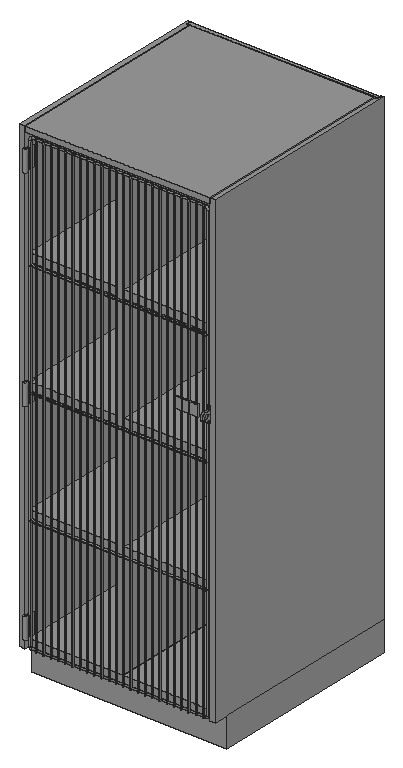
Revit family "TMI_M3007-Music_Wire Grille Doors1", category Casework, Revit 2016
Family settings
  OmniClass Number = 23.40.35.14.11
  OmniClass Title = Modular Casework
  Work Plane-Based = No
  Always vertical = Yes
  Cut with Voids When Loaded = No
  Shared = No
  Room Calculation Point = No
Parameters (values of type "27" x 68-5/8" x 29"")
  URL = "www.tmisystems.com"
  Toe Kick Height = 4"
  Toe Kick Depth = 2"
  Shelf Thickness = 1 1/8"
  Model = "M3007/M5007"
  Manufacturer = "TMI Systems Corporation"
  Interior Finish = none
  Individual Wire Grille Doors [instance] = not(Full Height Wire Grille Door)  # no
  Full Height Wire Grille Door [instance] = yes
  Filler Width (Hinge) [instance] = 3"
  Filler (Pull Side) [instance] = no
  Filler (Hinge Side) [instance] = no
  Filler Width (Pull) [instance] = 3"
  Description = "Alto Saxophone, Cornet, Trumpet"
  Depth = 29"
  Height = 68 5/8"
  Width = 27"
  Casework Thickness = 3/4"
  Casework Back Thickness = 1/2"
  Cabinet Finish = Plastic Laminate
  Assembly Code = ""
Types (2): name | Description | Depth
  27" x 68-5/8" x 29" | "Alto Saxophone, Cornet, Trumpet" | 29"
  27" x 68-5/8" x 39" | "Alto Cornet, Basson, Bass Clarinet, Tenor Saxophone, Trombone, Violin, Viola" | 39"
Reference planes (in)
  plane 1 "Back": y = 15
  plane 2: z = 0
  plane 3 "Center (Left/Right)": x = 0.7377
  plane 4 "Left": x = -12.7623
  plane 5 "Right": x = 14.2377
  plane 6 "Front": y = -14
  plane 7 "Top": z = 68.625
  plane 8: y = 14.375
  plane 9: x = -12.0123
  plane 10: x = 13.4877
  plane 11: z = 67.875
  plane 12: y = 14.875
  plane 13: y = -12
  plane 14: z = 4
  plane 15: z = 5.125
  plane 16: y = -13.61906
  plane 17: z = 52.75
  plane 18: y = -11.25
  plane 19: y = -13.25
  plane 20: x = 0.3627
  plane 21: x = 1.1127
  plane 22: z = 36.875
  plane 23: z = 21
  plane 24: y = -13.49461
  plane 25: z = 67.375
  plane 26: x = 13.8627
  plane 27: x = -12.3873
  plane 28: y = -13.60344
Forms (in)
  Extrusion 1, solid, material "Plastic Laminate" <- "Cabinet Finish"
    sketch origin (0, 0.21844, 0) x (1, 0, 0) y (0, 1, 0)
      loop
        line (-12.7623, 14.78156) -> (-12.7623, -14.21844) -> (-12.0123, -14.21844) -> (-12.0123, 14.15656) -> (-12.38677, 14.15656) -> (-12.38677, 14.78156) -> (-12.7623, 14.78156)
      loop
        line (13.86077, 14.78156) -> (13.86077, 14.15656) -> (13.4877, 14.15656) -> (13.4877, -14.21844) -> (14.2377, -14.21844) -> (14.2377, 14.78156) -> (13.86077, 14.78156)
    from 4 to 68.625
  Extrusion 2, solid, material "Plastic Laminate" <- "Cabinet Finish"
    sketch origin (0.84915, 11.94613, -1.44731) x (1, 0, 0) y (0, 0, 1)
      loop
        line (-12.86145, 6.57231) -> (-12.86145, 5.44731) -> (12.63855, 5.44731) -> (12.63855, 6.57231) -> (-12.86145, 6.57231)
    from -2.42887 to 25.54956
  Extrusion 3, solid, material "Plastic Laminate" <- "Cabinet Finish"
    sketch origin (0, 0, 0) x (1, 0, 0) y (0, 1, 0)
      loop
        line (-12.38677, 14.875) -> (-12.38677, 14.375) -> (13.86077, 14.375) -> (13.86077, 14.875) -> (-12.38677, 14.875)
    from 68.625 to 4
  Extrusion 4, solid, material "Plastic Laminate" <- "Cabinet Finish", visible <- "Filler (Pull Side)"
    sketch origin (0, -14, 0) x (1, 0, 0) y (0, 0, 1)
      loop
        line (14.2377, 68.625) -> (14.2377, 4) -> (17.2377, 4) -> (17.2377, 68.625) -> (14.2377, 68.625)
    from -0.75 to 0
  Extrusion 5, solid, material "Plastic Laminate" <- "Cabinet Finish", visible <- "Filler (Hinge Side)"
    sketch origin (0, -14, 0) x (1, 0, 0) y (0, 0, 1)
      loop
        line (-15.7623, 68.625) -> (-15.7623, 4) -> (-12.7623, 4) -> (-12.7623, 68.625) -> (-15.7623, 68.625)
    from -0.75 to 0
  Extrusion 6, solid, material "Wood"
    sketch origin (0, 0, 0) x (1, 0, 0) y (0, 0, 1)
      loop
        line (14.2377, 4) -> (-12.7623, 4) -> (-12.7623, 0) -> (14.2377, 0) -> (14.2377, 4)
    from -15 to 12
  Extrusion 7, solid, material "Wood", visible <- "Filler (Pull Side)"
    sketch origin (0, 0, 0) x (1, 0, 0) y (0, 0, 1)
      loop
        line (17.2377, 4) -> (14.2377, 4) -> (14.2377, 0) -> (17.2377, 0) -> (17.2377, 4)
    from 11.25 to 12
  Extrusion 8, solid, material "Wood", visible <- "Filler (Hinge Side)"
    sketch origin (0, 0, 0) x (1, 0, 0) y (0, 0, 1)
      loop
        line (-12.7623, 4) -> (-15.7623, 4) -> (-15.7623, 0) -> (-12.7623, 0) -> (-12.7623, 4)
    from 11.25 to 12
  Extrusion 9, solid, material "Plastic Laminate" <- "Cabinet Finish"
    sketch origin (-6, -14, 0) x (1, 0, 0) y (0, 0, 1)
      loop
        line (6.3627, 67.875) -> (6.3627, 5.125) -> (7.1127, 5.125) -> (7.1127, 67.875) -> (6.3627, 67.875)
    from -28.375 to -0.38094
  Extrusion 10, solid, material "Plastic Laminate" <- "Cabinet Finish"
    sketch origin (0, -14, 0) x (1, 0, 0) y (0, 0, 1)
      loop
        line (-12.0123, 52.75) -> (-12.0123, 51.625) -> (13.4877, 51.625) -> (13.4877, 52.75) -> (-12.0123, 52.75)
      loop
        line (-12.0123, 36.875) -> (-12.0123, 35.75) -> (13.4877, 35.75) -> (13.4877, 36.875) -> (-12.0123, 36.875)
      loop
        line (-12.0123, 19.875) -> (13.4877, 19.875) -> (13.4877, 21) -> (-12.0123, 21) -> (-12.0123, 19.875)
    from -28.375 to -0.50539
  Extrusion 11, solid, material "Plastic Laminate" <- "Cabinet Finish", visible <- "Full Height Wire Grille Door"
    sketch origin (67.5, -14, 0) x (1, 0, 0) y (0, 0, 1)
      loop
        line (-67.1373, 67.875) -> (-67.1373, 4) -> (-66.3873, 4) -> (-66.3873, 67.875) -> (-67.1373, 67.875)
    from -28.375 to -0.38094
  Extrusion 12, solid, material "Plastic Laminate" <- "Cabinet Finish"
    sketch origin (0, 15, 0) x (1, 0, 0) y (0, 0, 1)
      loop
        line (-12.0123, 68.625) -> (-12.0123, 67.875) -> (13.4877, 67.875) -> (13.4877, 68.625) -> (-12.0123, 68.625)
    from 0.625 to 29
  Extrusion 13, solid, material "Plastic Laminate" <- "Cabinet Finish", visible <- "Individual Wire Grille Doors"
    sketch origin (100.51297, -14, -0.375) x (1, 0, 0) y (0, 0, 1)
      loop
        line (-100.15026, 68.25) -> (-100.15026, 4.375) -> (-99.40026, 4.375) -> (-99.40026, 68.25) -> (-100.15026, 68.25)
    from -28.375 to 0
Lines and regions (in)
  Masking region 1
    outline origin (44.5, 0, 0) x (1, 0, 0) y (0, 1, 0)
      loop
        line (-57.2623, 15) -> (-57.2623, -14) -> (-30.2623, -14) -> (-30.2623, 15) -> (-57.2623, 15)
  Masking region 2, visible <- "Filler (Hinge Side)"
    outline origin (0, 0, 0) x (1, 0, 0) y (0, 1, 0)
      loop
        line (-15.7623, -13.25) -> (-15.7623, -14) -> (-12.7623, -14) -> (-12.7623, -13.25) -> (-15.7623, -13.25)
  Masking region 3, visible <- "Filler (Pull Side)"
    outline origin (0, 0, 0) x (1, 0, 0) y (0, 1, 0)
      loop
        line (14.2377, -13.25) -> (14.2377, -14) -> (17.2377, -14) -> (17.2377, -13.25) -> (14.2377, -13.25)
  symbolic lines, style "CaseworkHiddenLines"
    curve 1: line (-0.4498, -14, 0) -> (-0.5748, -14, 0)
    curve 2: line (-0.1998, -14, 0) -> (-0.3248, -14, 0)
    curve 3: line (1.9252, -14, 0) -> (2.0502, -14, 0)
Dimensions and locks (in)
  "Width": plane 4 "Left" to plane 5 "Right"
  equal spacing: plane 4 "Left", plane 3 "Center (Left/Right)", plane 5 "Right"
  "Casework Thickness": plane 4 "Left" to plane 9
  "Casework Thickness": plane 10 to plane 5 "Right"
  "Casework Thickness": plane 7 "Top" to plane 11
  "Filler Width (Pull)": plane 5 "Right" to Extrusion 4
  "Filler Width (Hinge)": Extrusion 5 to plane 4 "Left"
  "Depth": plane 6 "Front" to plane 1 "Back"
  locked: plane 12 to plane 1 "Back" at 0.125
  "Toe Kick Depth": plane 13 to plane 6 "Front"
  "Toe Kick Height": plane 14 to level
  "Height": plane 7 "Top" to level
  locked: plane 6 "Front" to plane 16 at 0.38094
  locked: plane 6 "Front" to plane 19 at 0.75
  locked: plane 18 to plane 13 at 0.75
  "Casework Thickness": plane 21 to plane 20
  plane 16 to plane 24 = 0.12445"
  plane 11 to plane 25 = 1/2"
  "Shelf Thickness": plane 15 to plane 14
  equal spacing: plane 7 "Top", plane 17, plane 22, plane 23, plane 15
  equal spacing: plane 4 "Left", plane 27, plane 9
  equal spacing: plane 10, plane 26, plane 5 "Right"
  "Casework Back Thickness": plane 12 to plane 8
  equal spacing: plane 21, plane 3 "Center (Left/Right)", plane 20
  "Shelf Thickness": plane 17 to Extrusion 10
  "Shelf Thickness": plane 22 to Extrusion 10
  "Shelf Thickness": plane 23 to Extrusion 10
  locked: plane 16 to plane 28 at 0.01562
  aligned and locked: plane 2 to level
  aligned and locked: Extrusion 1 sketch curve to plane 4 "Left"
  aligned and locked: Extrusion 1 sketch curve to plane 9
  aligned and locked: Extrusion 1 sketch curve to plane 10
  aligned and locked: Extrusion 1 sketch curve to plane 5 "Right"
  aligned and locked: Extrusion 1 to plane 1 "Back"  (x2)
  aligned and locked: plane 8 to Extrusion 3 sketch curve
  aligned and locked: Extrusion 1 to plane 7 "Top"
  aligned and locked: plane 7 "Top" to Extrusion 4 sketch curve
  aligned and locked: Extrusion 4 sketch curve to plane 5 "Right"
  aligned and locked: plane 7 "Top" to Extrusion 5 sketch curve
  aligned and locked: Extrusion 7 to Extrusion 6
  aligned and locked: Extrusion 8 to Extrusion 6
  aligned and locked: plane 14 to Extrusion 8
  aligned and locked: plane 14 to Extrusion 6
  aligned and locked: plane 14 to Extrusion 7
  aligned and locked: Extrusion 4 to plane 14
  aligned and locked: Extrusion 5 to plane 14
  aligned and locked: Extrusion 1 to plane 14
  aligned and locked: Extrusion 2 to plane 14
  aligned and locked: plane 15 to Extrusion 2
  aligned and locked: Extrusion 6 to Extrusion 1
  aligned and locked: plane 1 "Back" to Masking region 1 sketch curve
  aligned and locked: Extrusion 8 to plane 13
  aligned and locked: plane 11 to Extrusion 9 sketch curve
  aligned and locked: plane 15 to Extrusion 9 sketch curve
  aligned and locked: plane 8 to Extrusion 9
  aligned and locked: plane 9 to Extrusion 10 sketch curve  (x2)
  aligned and locked: Extrusion 10 sketch curve to plane 9
  aligned and locked: plane 10 to Extrusion 10 sketch curve
  aligned and locked: Extrusion 10 sketch curve to plane 10  (x2)
  aligned and locked: plane 8 to Extrusion 10
  aligned and locked: plane 4 "Left" to Masking region 2 sketch curve
  aligned and locked: Masking region 3 sketch curve to plane 5 "Right"
  aligned and locked: Extrusion 10 to plane 17  (x2)
  aligned and locked: plane 6 "Front" to Extrusion 1  (x2)
  aligned and locked: plane 6 "Front" to Extrusion 4
  aligned and locked: plane 6 "Front" to Extrusion 5
  aligned and locked: plane 18 to Extrusion 7
  aligned and locked: Extrusion 4 to plane 19
  aligned and locked: Extrusion 5 to plane 19
  aligned and locked: plane 18 to Extrusion 8
  aligned and locked: Extrusion 8 to Extrusion 5
  aligned and locked: Masking region 2 to Extrusion 5
  aligned and locked: Masking region 2 to plane 19
  aligned and locked: Extrusion 4 to Extrusion 7
  aligned and locked: Masking region 3 to Extrusion 4
  aligned and locked: Masking region 3 to plane 19
  aligned and locked: Extrusion 9 to plane 20
  aligned and locked: Extrusion 9 to plane 21
  aligned and locked: plane 23 to Extrusion 10
  aligned and locked: Extrusion 10 to plane 22
  aligned and locked: Extrusion 2 to plane 9
  aligned and locked: Extrusion 10 to plane 24
  aligned and locked: plane 16 to Extrusion 9
  aligned and locked: plane 16 to Extrusion 11
  aligned and locked: Extrusion 2 to plane 10
  aligned and locked: plane 8 to Extrusion 11
  aligned and locked: Extrusion 12 sketch curve to plane 11
  aligned and locked: plane 9 to Extrusion 12 sketch curve
  aligned and locked: Extrusion 12 sketch curve to plane 10
  aligned and locked: plane 6 "Front" to Extrusion 12
  aligned and locked: plane 9 to Extrusion 1
  aligned and locked: plane 6 "Front" to Masking region 1
  aligned and locked: Extrusion 12 to plane 7 "Top"
  aligned and locked: plane 8 to Extrusion 12
  aligned and locked: Extrusion 3 to Extrusion 1  (x2)
  aligned and locked: plane 8 to Extrusion 2
  aligned and locked: Extrusion 3 to plane 14
  aligned and locked: Extrusion 3 to plane 7 "Top"
  aligned and locked: plane 9 to nested 1  (x2)
  aligned and locked: nested 1 to plane 14
  aligned and locked: nested 1 to plane 6 "Front"
  aligned and locked: Extrusion 11 to plane 20  (x2)
  aligned and locked: Extrusion 11 to plane 21  (x2)
  aligned and locked: nested 2 to plane 14
  aligned and locked: nested 4 to plane 14
  aligned and locked: plane 9 to nested 2
  aligned and locked: nested 4 to plane 21
  aligned and locked: nested 2 to plane 6 "Front"
  aligned and locked: nested 4 to plane 6 "Front"
  aligned and locked: plane 9 to nested 6
  aligned and locked: nested 9 to plane 21
  aligned and locked: plane 9 to nested 3
  aligned and locked: nested 5 to plane 21
  aligned and locked: nested 8 to plane 6 "Front"
  aligned and locked: nested 3 to plane 6 "Front"
  aligned and locked: nested 5 to plane 6 "Front"
  aligned and locked: nested 7 to plane 6 "Front"
  aligned and locked: nested 6 to plane 6 "Front"
  aligned and locked: plane 6 "Front" to Extrusion 13
  aligned and locked: plane 8 to Extrusion 13
  aligned and locked: Extrusion 13 to plane 20
  aligned and locked: Extrusion 13 to plane 11
  aligned and locked: Extrusion 13 to plane 21
  aligned and locked: plane 9 to nested 7
  aligned and locked: nested 8 to plane 21
  aligned and locked: Extrusion 10 to nested 8
  aligned and locked: Extrusion 10 to nested 6
  aligned and locked: Extrusion 10 to nested 9
  aligned and locked: Extrusion 10 to nested 7
  aligned and locked: plane 25 to nested 5
  aligned and locked: plane 25 to nested 3
  aligned and locked: plane 28 to Extrusion 2
  aligned and locked: Extrusion 13 to plane 14
  aligned and locked: Extrusion 11 to plane 14
Automatic sketch dimensions
  curve 1 to level = 0"
  curve 2 to level = 0"
  curve 3 to level = 0"
  curve 1 to plane 20 = 15/16"
  curve 1 to curve 1 = 1/8"
  curve 1 to curve 2 = 1/8"
  curve 2 to curve 2 = 1/8"
  curve 3 to plane 21 = 13/16"
  curve 3 to curve 3 = 1/8"
  plane 1 "Back" to Extrusion 1 sketch curve = 0"  (x2)
  Extrusion 1 sketch curve to plane 8 = 0"  (x2)
  plane 6 "Front" to Extrusion 1 sketch curve = 0"  (x2)
  Extrusion 1 sketch curve to plane 27 = 0.00052"
  plane 26 to Extrusion 1 sketch curve = 0.00194"
  Extrusion 2 sketch curve to plane 9 = 0"
  plane 10 to Extrusion 2 sketch curve = 0"
  Extrusion 2 sketch curve to plane 14 = 0"
  Extrusion 2 sketch curve to plane 15 = 0"
  Extrusion 3 sketch curve to plane 12 = 0"
  Extrusion 3 sketch curve to plane 27 = 0.00052"
  plane 26 to Extrusion 3 sketch curve = 0.00194"
  Extrusion 4 sketch curve to plane 14 = 0"
  Extrusion 4 sketch curve to plane 5 "Right" = 3"
  Extrusion 5 sketch curve to plane 14 = 0"
  plane 4 "Left" to Extrusion 5 sketch curve = 0"
  Extrusion 5 sketch curve to Extrusion 5 sketch curve = 3"
  plane 4 "Left" to Extrusion 6 sketch curve = 0"
  Extrusion 6 sketch curve to level = 0"
  plane 5 "Right" to Extrusion 6 sketch curve = 0"
  Extrusion 6 sketch curve to plane 14 = 0"
  plane 5 "Right" to Extrusion 7 sketch curve = 0"
  Extrusion 7 sketch curve to level = 0"
  Extrusion 7 sketch curve to plane 14 = 0"
  Extrusion 7 sketch curve to plane 5 "Right" = 3"
  Extrusion 8 sketch curve to plane 14 = 0"
  Extrusion 8 sketch curve to level = 0"
  plane 4 "Left" to Extrusion 8 sketch curve = 0"
  Extrusion 8 sketch curve to Extrusion 8 sketch curve = 3"
  Masking region 1 sketch curve to plane 4 "Left" = 0"
  Masking region 1 sketch curve to plane 5 "Right" = 0"
  plane 6 "Front" to Masking region 1 sketch curve = 0"
  Extrusion 9 sketch curve to plane 20 = 0"
  plane 21 to Extrusion 9 sketch curve = 0"
  Extrusion 10 sketch curve to plane 23 = 0"
  Extrusion 10 sketch curve to plane 22 = 0"
  Extrusion 10 sketch curve to plane 17 = 0"
  plane 6 "Front" to Masking region 2 sketch curve = 0"
  plane 19 to Masking region 2 sketch curve = 0"
  plane 4 "Left" to Masking region 2 sketch curve = 3"
  plane 6 "Front" to Masking region 3 sketch curve = 0"
  plane 19 to Masking region 3 sketch curve = 0"
  Masking region 3 sketch curve to Masking region 3 sketch curve = 3"
  Extrusion 11 sketch curve to plane 15 = 1 1/8"
  Extrusion 11 sketch curve to plane 20 = 0"
  plane 21 to Extrusion 11 sketch curve = 0"
  Extrusion 11 sketch curve to plane 11 = 0"
  Extrusion 12 sketch curve to plane 7 "Top" = 0"
  plane 25 to Extrusion 13 sketch curve = 1/2"
  Extrusion 13 sketch curve to plane 14 = 0"
  plane 5 "Right" to Extrusion 13 sketch curve = 13 7/8"
  Extrusion 13 sketch curve to Extrusion 13 sketch curve = 3/4"
  Extrusion 10 sketch curve to Extrusion 10 sketch curve = 1 1/8"
  plane 22 to Extrusion 10 sketch curve = 1 1/8"
  plane 17 to Extrusion 10 sketch curve = 1 1/8"
Nested families (in)
  nested 1: "Full Height Wire Grille Door 27in Wide 63.5in High" at (0.73685, -13.76369, 4), visible <- "Full Height Wire Grille Door", type "Full Height Wire Grille Door 27in Wide 63.5in High"
    with Number of Verticle Bars 24, Bar Spacing 1"
  nested 2: "Individual Wire Grille Doors 27in Wide x2" at (-5.82565, -13.76369, 4), visible <- "Individual Wire Grille Doors", type "Individual Wire Grille Doors 27in Wide x2"
    with Number of Verticle Bars 11, Bar Spacing 1"
  nested 3: "Individual Wire Grille Doors 27in Wide x2" at (-5.82565, -13.76369, 51.75), visible <- "Individual Wire Grille Doors", type "Individual Wire Grille Doors 27in Wide x2"
    with Number of Verticle Bars 11, Bar Spacing 1"
  nested 4: "Individual Wire Grille Doors 27in Wide x2" at (7.29935, -13.76369, 4), visible <- "Individual Wire Grille Doors", type "Individual Wire Grille Doors 27in Wide x2"
    with Number of Verticle Bars 11, Bar Spacing 1"
  nested 5: "Individual Wire Grille Doors 27in Wide x2" at (7.29935, -13.76369, 51.75), visible <- "Individual Wire Grille Doors", type "Individual Wire Grille Doors 27in Wide x2"
    with Number of Verticle Bars 11, Bar Spacing 1"
  nested 6: "Individual Wire Grille Doors 27in Wide x2" at (-5.82565, -13.76369, 19.875), visible <- "Individual Wire Grille Doors", type "Individual Wire Grille Doors 27in Wide x2"
    with Number of Verticle Bars 11, Bar Spacing 1"
  nested 7: "Individual Wire Grille Doors 27in Wide x2" at (-5.82565, -13.76369, 35.75), visible <- "Individual Wire Grille Doors", type "Individual Wire Grille Doors 27in Wide x2"
    with Number of Verticle Bars 11, Bar Spacing 1"
  nested 8: "Individual Wire Grille Doors 27in Wide x2" at (7.29935, -13.76369, 19.875), visible <- "Individual Wire Grille Doors", type "Individual Wire Grille Doors 27in Wide x2"
    with Number of Verticle Bars 11, Bar Spacing 1"
  nested 9: "Individual Wire Grille Doors 27in Wide x2" at (7.29935, -13.76369, 35.75), visible <- "Individual Wire Grille Doors", type "Individual Wire Grille Doors 27in Wide x2"
    with Number of Verticle Bars 11, Bar Spacing 1"
Definition of nested family "Full Height Wire Grille Door 27in Wide 63.5in High"
  Parameters (values of type "Full Height Wire Grille Door 27in Wide 63.5in High")
    Width = 24 1/2"
    Pull height from Bottom of Casework = 37 13/16"
    Number of Verticle Bars [instance] = (Width / Bar Spacing) - 1  # 24
    Height = 63 3/8"
    Distance of Hinge from Edge of Casework = 2 13/16"
    Bar Spacing [instance] = 1"
  Reference planes (in)
    plane 1 "Center (Front/Back)": y = 0
    plane 2: z = 0
    plane 3 "Center (Left/Right)": x = 0
    plane 4: x = -12.37415
    plane 5: x = -12.12585
    plane 6: z = 63.375
    plane 7: z = 63.125
    plane 8: z = 63.25
    plane 9: x = -12.25
    plane 10: x = 12.38138
    plane 11: x = 12.11862
    plane 12: x = 12.25
    plane 13: z = 0.25
    plane 14: z = 0.125
    plane 15: y = -0.125
    plane 16: z = 31.6875
    plane 17: z = 31.6875
    plane 18: z = 47.46875
    plane 19: z = 15.90625
    plane 20: y = -0.17188
    plane 21: x = -11.25
    plane 22: y = 0.28516
    plane 23: x = 12.75638
    plane 24: y = -0.23631
    plane 25: z = 37.8125
    plane 26: z = 2.8125
    plane 27: z = 60.5625
    plane 28: z = 38.9375
    plane 29: z = 37.8125
  Forms (in)
    Sweep 1, solid
      path origin (0, 0, 0) x (1, 0, 0) y (0, 0, 1)
        loop
          arc (-12, 63.25) -> (-12.17678, 63.17678) -> (-12.25, 63) r 0.25
          line (-12.25, 63) -> (-12.25, 0.375)
          arc (-12.25, 0.375) -> (-12.17678, 0.19822) -> (-12, 0.125) r 0.25
          line (-12, 0.125) -> (12, 0.125)
          arc (12, 0.125) -> (12.17678, 0.19822) -> (12.25, 0.375) r 0.25
          line (12.25, 0.375) -> (12.25, 63)
          arc (12.25, 63) -> (12.17678, 63.17678) -> (12, 63.25) r 0.25
          line (12, 63.25) -> (-12, 63.25)
      profile "4 Circle : 4 Circle" origin (0, 0, 63.25) x (0, 0, 1) y (0, -1, 0)
        loop
          circle (0, 0) r 0.125
    Extrusion 2, solid
      sketch origin (0, 0, 0) x (0, 1, 0) y (0, 0, 1)
        loop
          circle (0, 47.46875) r 0.125
        loop
          circle (0, 31.6875) r 0.125
        loop
          circle (0, 15.90625) r 0.125
      from -12.25 to 12.25
    Extrusion 3, solid
      sketch origin (-0.62456, 0, 0) x (1, 0, 0) y (0, 1, 0)
        loop
          circle (-10.62544, -0.17188) r 0.0625
      from 0 to 63.375
    Extrusion 4, solid
      sketch origin (0.37544, 0, 0) x (1, 0, 0) y (0, 1, 0)
        loop
          circle (-10.62544, -0.17188) r 0.0625
      from 0 to 63.375
    Extrusion 5, solid
      sketch origin (1.37544, 0, 0) x (1, 0, 0) y (0, 1, 0)
        loop
          circle (-10.62544, -0.17188) r 0.0625
      from 0 to 63.375
    Extrusion 6, solid
      sketch origin (2.37544, 0, 0) x (1, 0, 0) y (0, 1, 0)
        loop
          circle (-10.62544, -0.17188) r 0.0625
      from 0 to 63.375
    Extrusion 7, solid
      sketch origin (3.37544, 0, 0) x (1, 0, 0) y (0, 1, 0)
        loop
          circle (-10.62544, -0.17188) r 0.0625
      from 0 to 63.375
    Extrusion 8, solid
      sketch origin (4.37544, 0, 0) x (1, 0, 0) y (0, 1, 0)
        loop
          circle (-10.62544, -0.17188) r 0.0625
      from 0 to 63.375
    Extrusion 9, solid
      sketch origin (5.37544, 0, 0) x (1, 0, 0) y (0, 1, 0)
        loop
          circle (-10.62544, -0.17188) r 0.0625
      from 0 to 63.375
    Extrusion 10, solid
      sketch origin (6.37544, 0, 0) x (1, 0, 0) y (0, 1, 0)
        loop
          circle (-10.62544, -0.17188) r 0.0625
      from 0 to 63.375
    Extrusion 11, solid
      sketch origin (7.37544, 0, 0) x (1, 0, 0) y (0, 1, 0)
        loop
          circle (-10.62544, -0.17188) r 0.0625
      from 0 to 63.375
    Extrusion 12, solid
      sketch origin (8.37544, 0, 0) x (1, 0, 0) y (0, 1, 0)
        loop
          circle (-10.62544, -0.17188) r 0.0625
      from 0 to 63.375
    Extrusion 13, solid
      sketch origin (9.37544, 0, 0) x (1, 0, 0) y (0, 1, 0)
        loop
          circle (-10.62544, -0.17188) r 0.0625
      from 0 to 63.375
    Extrusion 14, solid
      sketch origin (10.37544, 0, 0) x (1, 0, 0) y (0, 1, 0)
        loop
          circle (-10.62544, -0.17188) r 0.0625
      from 0 to 63.375
    Extrusion 15, solid
      sketch origin (11.37544, 0, 0) x (1, 0, 0) y (0, 1, 0)
        loop
          circle (-10.62544, -0.17188) r 0.0625
      from 0 to 63.375
    Extrusion 16, solid
      sketch origin (12.37544, 0, 0) x (1, 0, 0) y (0, 1, 0)
        loop
          circle (-10.62544, -0.17188) r 0.0625
      from 0 to 63.375
    Extrusion 17, solid
      sketch origin (13.37544, 0, 0) x (1, 0, 0) y (0, 1, 0)
        loop
          circle (-10.62544, -0.17188) r 0.0625
      from 0 to 63.375
    Extrusion 18, solid
      sketch origin (14.37544, 0, 0) x (1, 0, 0) y (0, 1, 0)
        loop
          circle (-10.62544, -0.17188) r 0.0625
      from 0 to 63.375
    Extrusion 19, solid
      sketch origin (15.37544, 0, 0) x (1, 0, 0) y (0, 1, 0)
        loop
          circle (-10.62544, -0.17188) r 0.0625
      from 0 to 63.375
    Extrusion 20, solid
      sketch origin (16.37544, 0, 0) x (1, 0, 0) y (0, 1, 0)
        loop
          circle (-10.62544, -0.17188) r 0.0625
      from 0 to 63.375
    Extrusion 21, solid
      sketch origin (17.37544, 0, 0) x (1, 0, 0) y (0, 1, 0)
        loop
          circle (-10.62544, -0.17188) r 0.0625
      from 0 to 63.375
    Extrusion 22, solid
      sketch origin (18.37544, 0, 0) x (1, 0, 0) y (0, 1, 0)
        loop
          circle (-10.62544, -0.17188) r 0.0625
      from 0 to 63.375
    Extrusion 23, solid
      sketch origin (19.37544, 0, 0) x (1, 0, 0) y (0, 1, 0)
        loop
          circle (-10.62544, -0.17188) r 0.0625
      from 0 to 63.375
    Extrusion 24, solid
      sketch origin (20.37544, 0, 0) x (1, 0, 0) y (0, 1, 0)
        loop
          circle (-10.62544, -0.17188) r 0.0625
      from 0 to 63.375
    Extrusion 25, solid
      sketch origin (21.37544, 0, 0) x (1, 0, 0) y (0, 1, 0)
        loop
          circle (-10.62544, -0.17188) r 0.0625
      from 0 to 63.375
    Extrusion 26, solid
      sketch origin (22.37544, 0, 0) x (1, 0, 0) y (0, 1, 0)
        loop
          circle (-10.62544, -0.17188) r 0.0625
      from 0 to 63.375
    Extrusion 27, solid
      sketch origin (0, 0, 0) x (1, 0, 0) y (0, 0, 1)
        loop
          line (7.94388, 38.5625) -> (7.94388, 37.0625) -> (11.13138, 37.0625) -> (11.13138, 38.5625) -> (7.94388, 38.5625)
      from 0.23631 to 0.33984
  Lines and regions (in)
    model lines
      curve 1: line (12.25638, 0, 63.25) -> (-12.25, 0, 31.6875)
      curve 2: line (-12.25, 0, 31.6875) -> (12.25, 0, 0.125)
  Dimensions and locks (in)
    locked: plane 6 to plane 7 at 0.25
    equal spacing: plane 6, plane 8, plane 7
    equal spacing: plane 4, plane 9, plane 5
    locked: plane 4 to plane 5 at 0.24829
    equal spacing: plane 10, plane 12, plane 11
    plane 10 to plane 11 = 0.26276"
    equal spacing: plane 13, plane 14, plane 2
    locked: plane 13 to plane 2 at 0.25
    equal spacing: plane 12, plane 3 "Center (Left/Right)", plane 9
    locked: plane 15 to plane 1 "Center (Front/Back)" at 0.125
    "Width": plane 12 to plane 9
    "Height": plane 6 to plane 2
    equal spacing: plane 8, plane 18, plane 17, plane 19, plane 14
    "Bar Spacing": plane 9 to plane 21
    locked: plane 15 to plane 20 at 0.04688
    plane 1 "Center (Front/Back)" to plane 22 = 73/256"
    locked: plane 10 to plane 23 at 0.375
    locked: plane 20 to plane 24 at 0.06444
    "Pull height from Bottom of Casework": plane 25 to plane 2
    "Distance of Hinge from Edge of Casework": plane 6 to plane 27
    "Distance of Hinge from Edge of Casework": plane 26 to plane 2
    locked: plane 28 to plane 25 at 1.125
    equal spacing: group 1, group 2, group 3, group 4, group 5, group 6, group 7, group 8, group 9, group 10, group 11, group 12, group 13, group 14, group 15, group 16, group 17, group 18, group 19, group 20, group 21, group 22, group 23, group 24  (x3)
    equal spacing: plane 6, plane 16, level
    locked: Extrusion 27 sketch curve to Extrusion 27 sketch curve at 3.1875
    locked: Extrusion 27 sketch curve to Extrusion 27 sketch curve at 1.5
    equal spacing: Extrusion 27 sketch curve, plane 29, Extrusion 27 sketch curve
    locked: nested 1 to Extrusion 27 sketch curve at 1.25
    aligned and locked: plane 2 to level
    aligned and locked: Sweep 1 sketch curve to plane 12
    aligned and locked: Sweep 1 sketch curve to plane 8
    aligned and locked: plane 9 to Sweep 1 sketch curve
    aligned and locked: plane 14 to Sweep 1 sketch curve
    aligned and locked: Extrusion 2 to plane 12
    aligned and locked: Extrusion 2 to plane 9
    aligned and locked: Extrusion 3 to plane 2
    aligned and locked: nested 1 to plane 10
    aligned and locked: nested 1 to plane 22
    aligned and locked: plane 23 to nested 2
    aligned and locked: nested 2 to plane 22
    aligned and locked: plane 10 to nested 1
    aligned and locked: nested 3 to plane 4
    aligned and locked: plane 24 to nested 3
    aligned and locked: nested 3 to plane 27
    aligned and locked: nested 4 to plane 4
    aligned and locked: plane 24 to nested 4
    aligned and locked: nested 4 to plane 26
    aligned and locked: nested 5 to plane 4
    aligned and locked: nested 5 to plane 16
    aligned and locked: plane 24 to nested 5
    aligned and locked: plane 28 to nested 2
    aligned and locked: plane 28 to nested 1
    aligned and locked: plane 6 to Extrusion 3
    aligned and locked: plane 29 to plane 25
    aligned and locked: plane 24 to Extrusion 27
    aligned and locked: nested 1 to Extrusion 27
  Automatic sketch dimensions
    Extrusion 2 sketch curve to plane 1 "Center (Front/Back)" = 0"  (x3)
    Extrusion 2 sketch curve to plane 19 = 0"
    Extrusion 2 sketch curve to plane 17 = 0"
    Extrusion 2 sketch curve to plane 18 = 0"
    plane 5 to Sweep 1 sketch curve = 0.12585"
    Sweep 1 sketch curve to plane 7 = 1/8"
    plane 11 to Sweep 1 sketch curve = 0.11862"  (x2)
    curve 2 to plane 9 = 0"
    plane 12 to curve 2 = 0"
    curve 1 to plane 8 = 0"
    curve 2 to plane 14 = 0"
    curve 2 to plane 16 = 0"
    curve 1 to plane 12 = 0.00638"
    radius of Extrusion 3 sketch curve = 1/16"
    radius of Extrusion 2 sketch curve = 1/8"  (x3)
    radius of Extrusion 4 sketch curve = 1/16"
    radius of Extrusion 5 sketch curve = 1/16"
    radius of Extrusion 6 sketch curve = 1/16"
    radius of Extrusion 7 sketch curve = 1/16"
    radius of Extrusion 8 sketch curve = 1/16"
    radius of Extrusion 9 sketch curve = 1/16"
    radius of Extrusion 10 sketch curve = 1/16"
    radius of Extrusion 11 sketch curve = 1/16"
    radius of Extrusion 12 sketch curve = 1/16"
    radius of Extrusion 13 sketch curve = 1/16"
    radius of Extrusion 14 sketch curve = 1/16"
    radius of Extrusion 15 sketch curve = 1/16"
    radius of Extrusion 16 sketch curve = 1/16"
    radius of Extrusion 17 sketch curve = 1/16"
    radius of Extrusion 18 sketch curve = 1/16"
    radius of Extrusion 19 sketch curve = 1/16"
    radius of Extrusion 20 sketch curve = 1/16"
    radius of Extrusion 21 sketch curve = 1/16"
    radius of Extrusion 22 sketch curve = 1/16"
    radius of Extrusion 23 sketch curve = 1/16"
    radius of Extrusion 24 sketch curve = 1/16"
    radius of Extrusion 25 sketch curve = 1/16"
    radius of Extrusion 26 sketch curve = 1/16"
  Nested families (in)
    nested 1: "Pad Lock" at (12.38138, -0.33984, 37.8125), type "Pad Lock"
    nested 2: "Pad Lock" at (12.69388, -0.33984, 37.8125), type "Pad Lock"
    nested 3: "5k hinge (music)" at (-12.5929, 0.76369, 59.15625) x (-1, 0, 0) z (0, 0, 1), type "5k hinge (music)"
      with Width 16"
    nested 4: "5k hinge (music)" at (-12.5929, 0.76369, 1.40625) x (-1, 0, 0) z (0, 0, 1), type "5k hinge (music)"
      with Width 16"
    nested 5: "5k hinge (music)" at (-12.5929, 0.76369, 30.28125) x (-1, 0, 0) z (0, 0, 1), type "5k hinge (music)"
      with Width 16"
  Definition of nested family "Pad Lock"
    Reference planes (in)
      plane 1 "Center (Front/Back)": y = 0
      plane 2: z = 0
      plane 3 "Center (Left/Right)": x = 0
      plane 4: z = 1.125
      plane 5: z = -1.125
      plane 6: y = -1.125
      plane 7: y = 0.625
      plane 8: y = -0.5625
      plane 9: x = 0.0625
    Forms (in)
      Extrusion 1, solid
        sketch origin (0, 0.00036, 0.01611) x (0, 0, 1) y (0, -1, 0)
          loop
            line (0.98389, 0) -> (0.56967, 0) -> (0.56967, 0.56286)
            arc (0.56967, 0.56286) -> (0, 1.13253) -> (-0.56967, 0.56286) r 0.56967
            line (-0.56967, 0.56286) -> (-0.56967, 0) -> (-1.01611, 0)
            arc (-1.01611, 0) -> (-1.1045, -0.03661) -> (-1.14111, -0.125) r 0.125
            line (-1.14111, -0.125) -> (-1.14111, -0.62464) -> (1.10889, -0.62464) -> (1.10889, -0.125)
            arc (1.10889, -0.125) -> (1.07227, -0.03661) -> (0.98389, 0) r 0.125
          loop
            circle (0, 0.56286) r 0.375
        from 0 to 0.0625
    Dimensions and locks (in)
      locked: plane 4 to plane 5 at 2.25
      locked: plane 6 to plane 7 at 1.75
      locked: plane 9 to plane 3 "Center (Left/Right)" at 0.0625
      equal spacing: plane 1 "Center (Front/Back)", plane 8, plane 6
      locked: plane 7 to plane 1 "Center (Front/Back)" at 0.625
      equal spacing: plane 5, plane 2, plane 4
      aligned and locked: plane 2 to level
      aligned and locked: plane 9 to Extrusion 1
    Automatic sketch dimensions
      Extrusion 1 sketch curve to Extrusion 1 sketch curve = 0"  (x2)
      Extrusion 1 sketch curve to plane 5 = 0"
      Extrusion 1 sketch curve to plane 8 = 0"
      plane 4 to Extrusion 1 sketch curve = 0"
      Extrusion 1 sketch curve to plane 7 = 0"
      Extrusion 1 sketch curve to plane 1 "Center (Front/Back)" = 0.00036"
      plane 5 to Extrusion 1 sketch curve = 1/8"
      Extrusion 1 sketch curve to level = 0.55355"
      level to Extrusion 1 sketch curve = 0.01611"
      Extrusion 1 sketch curve to Extrusion 1 sketch curve = 1/8"
      Extrusion 1 sketch curve to plane 1 "Center (Front/Back)" = 0.12536"
      radius of Extrusion 1 sketch curve = 3/8"
  Definition of nested family "5k hinge (music)"
    Parameters (values of type "5k hinge (music)")
      door thickness = 1"
      Width [instance] = 16"
      Hinge Distance from Door = 9/16"
      5K hinge size = 2 13/16"
    Reference planes (in)
      plane 1 "Center (Front/Back)": y = 0
      plane 2: z = 0
      plane 3 "Center (Left/Right)": x = 0
      plane 4: x = -0.15625
      plane 5: y = -1
      plane 6: y = -0.5
      plane 7: y = -1.5625
      plane 8: y = -1.28125
      plane 9: x = 0.15625
      plane 10: z = 2.8125
      plane 11: z = 1.40625
      plane 12: x = -0.21875
    Forms (in)
      Extrusion 1, solid
        sketch origin (-8.15625, 0, 0) x (1, 0, 0) y (0, 1, 0)
          loop
            line (8.15625, -1) -> (8.15625, -1.04949)
            arc (8.15625, -1.04949) -> (7.85521, -1.421) -> (8.3125, -1.28125) r 0.25
            line (8.3125, -1.28125) -> (8.3125, 0) -> (8.15625, 0) -> (7.9375, 0) -> (7.9375, -1) -> (8.15625, -1)
        from 0 to 2.8125
    Dimensions and locks (in)
      equal spacing: plane 1 "Center (Front/Back)", plane 6, plane 5
      "Hinge Distance from Door": plane 5 to plane 7
      equal spacing: plane 5, plane 8, plane 7
      "5K hinge size": plane 10 to plane 2
      "door thickness": plane 1 "Center (Front/Back)" to plane 5
      equal spacing: plane 10, plane 11, plane 2
      equal spacing: plane 4, plane 3 "Center (Left/Right)", plane 9
      plane 4 to plane 9 = 5/16"
      plane 12 to plane 4 = 1/16"
      aligned and locked: plane 2 to level
      aligned and locked: plane 5 to Extrusion 1 sketch curve
      aligned and locked: Extrusion 1 to plane 10
      aligned and locked: plane 9 to Extrusion 1
      aligned and locked: Extrusion 1 to plane 2
      aligned and locked: plane 12 to Extrusion 1 sketch curve
    Automatic sketch dimensions
      Extrusion 1 sketch curve to plane 8 = 0"
      plane 1 "Center (Front/Back)" to Extrusion 1 sketch curve = 0"
      Extrusion 1 sketch curve to plane 9 = 0"
      plane 4 to Extrusion 1 sketch curve = 1/16"
      Extrusion 1 sketch curve to plane 3 "Center (Left/Right)" = 0"  (x2)
Definition of nested family "Individual Wire Grille Doors 27in Wide x2"
  Parameters (values of type "Individual Wire Grille Doors 27in Wide x2")
    Width = 11 3/8"
    Pull height from Bottom of Casework = 33 13/16"
    Number of Verticle Bars [instance] = (Width / Bar Spacing)  # 11
    Height = 15 5/8"
    Distance of Hinge from Edge of Casework = 2 13/16"
    Bar Spacing [instance] = 1"
  Reference planes (in)
    plane 1 "Center (Front/Back)": y = 0
    plane 2: z = 0
    plane 3 "Center (Left/Right)": x = 0
    plane 4: x = -5.81165
    plane 5: x = -5.56335
    plane 6: z = 15.625
    plane 7: z = 15.375
    plane 8: z = 15.5
    plane 9: x = -5.6875
    plane 10: x = 5.81888
    plane 11: x = 5.55612
    plane 12: x = 5.6875
    plane 13: z = 0.25
    plane 14: z = 0.125
    plane 15: y = -0.125
    plane 16: z = 7.8125
    plane 17: y = -0.17188
    plane 18: x = -4.6875
    plane 19: y = 0.28516
    plane 20: x = 6.19388
    plane 21: y = -0.23631
    plane 22: z = 2.8125
    plane 23: z = 12.8125
    plane 24: z = 8.93853
    plane 25: x = -4.6875
    plane 26: y = -0.17188
    plane 27: x = -3.6875
    plane 28: y = -0.17188
    plane 29: x = -2.6875
    plane 30: y = -0.17188
    plane 31: x = -1.6875
    plane 32: y = -0.17188
    plane 33: x = -0.6875
    plane 34: y = -0.17188
    plane 35: x = 0.3125
    plane 36: y = -0.17188
    plane 37: x = 1.3125
    plane 38: y = -0.17188
    plane 39: x = 2.3125
    plane 40: y = -0.17188
    plane 41: x = 3.3125
    plane 42: y = -0.17188
    plane 43: x = 4.3125
    plane 44: y = -0.17188
    plane 45: x = 5.3125
    plane 46: y = -0.17188
    plane 47: z = 7.8125
  Forms (in)
    Sweep 1, solid
      path origin (0, 0, 0) x (1, 0, 0) y (0, 0, 1)
        loop
          arc (-5.4375, 15.5) -> (-5.61428, 15.42678) -> (-5.6875, 15.25) r 0.25
          line (-5.6875, 15.25) -> (-5.6875, 0.375)
          arc (-5.6875, 0.375) -> (-5.61428, 0.19822) -> (-5.4375, 0.125) r 0.25
          line (-5.4375, 0.125) -> (5.4375, 0.125)
          arc (5.4375, 0.125) -> (5.61428, 0.19822) -> (5.6875, 0.375) r 0.25
          line (5.6875, 0.375) -> (5.6875, 15.25)
          arc (5.6875, 15.25) -> (5.61428, 15.42678) -> (5.4375, 15.5) r 0.25
          line (5.4375, 15.5) -> (-5.4375, 15.5)
      profile "4 Circle : 4 Circle" origin (0, 0, 15.5) x (0, 0, 1) y (0, -1, 0)
        loop
          circle (0, 0) r 0.125
    Extrusion 2, solid
      sketch origin (0, 0, 0) x (0, 1, 0) y (0, 0, 1)
        loop
          circle (0, 7.8125) r 0.125
      from -5.6875 to 5.6875
    Extrusion 3, solid
      sketch origin (0, 0, -0.01317) x (1, 0, 0) y (0, 1, 0)
        loop
          circle (-4.6875, -0.17188) r 0.0625
      from 0.01317 to 15.63817
    Extrusion 4, solid
      sketch origin (1, 0, -0.01317) x (1, 0, 0) y (0, 1, 0)
        loop
          circle (-4.6875, -0.17188) r 0.0625
      from 0.01317 to 15.63817
    Extrusion 5, solid
      sketch origin (2, 0, -0.01317) x (1, 0, 0) y (0, 1, 0)
        loop
          circle (-4.6875, -0.17188) r 0.0625
      from 0.01317 to 15.63817
    Extrusion 6, solid
      sketch origin (3, 0, -0.01317) x (1, 0, 0) y (0, 1, 0)
        loop
          circle (-4.6875, -0.17188) r 0.0625
      from 0.01317 to 15.63817
    Extrusion 7, solid
      sketch origin (4, 0, -0.01317) x (1, 0, 0) y (0, 1, 0)
        loop
          circle (-4.6875, -0.17188) r 0.0625
      from 0.01317 to 15.63817
    Extrusion 8, solid
      sketch origin (5, 0, -0.01317) x (1, 0, 0) y (0, 1, 0)
        loop
          circle (-4.6875, -0.17188) r 0.0625
      from 0.01317 to 15.63817
    Extrusion 9, solid
      sketch origin (6, 0, -0.01317) x (1, 0, 0) y (0, 1, 0)
        loop
          circle (-4.6875, -0.17188) r 0.0625
      from 0.01317 to 15.63817
    Extrusion 10, solid
      sketch origin (7, 0, -0.01317) x (1, 0, 0) y (0, 1, 0)
        loop
          circle (-4.6875, -0.17188) r 0.0625
      from 0.01317 to 15.63817
    Extrusion 11, solid
      sketch origin (8, 0, -0.01317) x (1, 0, 0) y (0, 1, 0)
        loop
          circle (-4.6875, -0.17188) r 0.0625
      from 0.01317 to 15.63817
    Extrusion 12, solid
      sketch origin (9, 0, -0.01317) x (1, 0, 0) y (0, 1, 0)
        loop
          circle (-4.6875, -0.17188) r 0.0625
      from 0.01317 to 15.63817
    Extrusion 13, solid
      sketch origin (10, 0, -0.01317) x (1, 0, 0) y (0, 1, 0)
        loop
          circle (-4.6875, -0.17188) r 0.0625
      from 0.01317 to 15.63817
    Extrusion 14, solid
      sketch origin (0, 0, 0) x (1, 0, 0) y (0, 0, 1)
        loop
          line (1.38138, 8.5625) -> (1.38138, 7.0625) -> (4.56888, 7.0625) -> (4.56888, 8.5625) -> (1.38138, 8.5625)
      from 0.23631 to 0.33984
  Lines and regions (in)
    model lines
      curve 1: line (5.6875, 0, 15.5) -> (-5.6875, 0, 7.8125)
      curve 2: line (-5.6875, 0, 7.8125) -> (5.6875, 0, 0.125)
  Dimensions and locks (in)
    locked: plane 6 to plane 7 at 0.25
    equal spacing: plane 4, plane 9, plane 5
    locked: plane 4 to plane 5 at 0.24829
    equal spacing: plane 10, plane 12, plane 11
    plane 10 to plane 11 = 0.26276"
    equal spacing: plane 13, plane 14, plane 2
    locked: plane 13 to plane 2 at 0.25
    equal spacing: plane 12, plane 3 "Center (Left/Right)", plane 9
    locked: plane 15 to plane 1 "Center (Front/Back)" at 0.125
    "Width": plane 12 to plane 9
    "Height": plane 6 to level
    plane 8 to plane 14 = 15 3/8"
    "Bar Spacing": plane 9 to plane 18
    locked: plane 15 to plane 17 at 0.04688
    plane 1 "Center (Front/Back)" to plane 19 = 73/256"
    locked: plane 10 to plane 20 at 0.375
    locked: plane 17 to plane 21 at 0.06444
    "Distance of Hinge from Edge of Casework": plane 6 to plane 23
    "Distance of Hinge from Edge of Casework": plane 22 to plane 2
    locked: plane 24 to plane 16 at 1.12603
    equal spacing: plane 6, plane 8, plane 7
    equal spacing: plane 6, plane 16, level
    equal spacing: group 1, group 2, group 3, group 4, group 5, group 6, group 7, group 8, group 9, group 10, group 11  (x3)
    locked: Extrusion 14 sketch curve to Extrusion 14 sketch curve at 3.1875
    locked: Extrusion 14 sketch curve to nested 1 at 1.25
    equal spacing: Extrusion 14 sketch curve, plane 47, Extrusion 14 sketch curve
    locked: Extrusion 14 sketch curve to Extrusion 14 sketch curve at 1.5
    aligned and locked: plane 12 to Sweep 1 sketch curve
    aligned and locked: plane 9 to Sweep 1 sketch curve
    aligned and locked: nested 1 to plane 10
    aligned and locked: plane 19 to nested 1
    aligned and locked: plane 19 to nested 2
    aligned and locked: plane 10 to nested 1
    aligned and locked: nested 3 to plane 4
    aligned and locked: nested 3 to plane 21
    aligned and locked: nested 3 to plane 23
    aligned and locked: nested 4 to plane 4
    aligned and locked: nested 4 to plane 21
    aligned and locked: nested 4 to plane 22
    aligned and locked: Extrusion 2 to plane 9
    aligned and locked: Extrusion 2 to plane 12
    aligned and locked: plane 20 to nested 2
    aligned and locked: nested 2 to plane 24
    aligned and locked: nested 1 to plane 24
    aligned and locked: plane 17 to Extrusion 3
    aligned and locked: Extrusion 3 to plane 2
    aligned and locked: plane 6 to Extrusion 3
    aligned and locked: Extrusion 3 to level
    aligned and locked: plane 14 to Sweep 1 sketch curve
    aligned and locked: Sweep 1 sketch curve to plane 8
    aligned and locked: plane 16 to plane 47
    aligned and locked: plane 21 to Extrusion 14
    aligned and locked: nested 1 to Extrusion 14
  Automatic sketch dimensions
    Extrusion 2 sketch curve to plane 1 "Center (Front/Back)" = 0"
    Extrusion 2 sketch curve to plane 16 = 0"
    Extrusion 3 sketch curve to plane 25 = 0"
    Extrusion 3 sketch curve to plane 26 = 0"
    plane 5 to Sweep 1 sketch curve = 0.12585"  (x2)
    plane 11 to Sweep 1 sketch curve = 0.11862"  (x2)
    Extrusion 4 sketch curve to plane 27 = 0"
    Extrusion 4 sketch curve to plane 28 = 0"
    Extrusion 5 sketch curve to plane 29 = 0"
    Extrusion 5 sketch curve to plane 30 = 0"
    Extrusion 6 sketch curve to plane 31 = 0"
    Extrusion 6 sketch curve to plane 32 = 0"
    Extrusion 7 sketch curve to plane 33 = 0"
    Extrusion 7 sketch curve to plane 34 = 0"
    Extrusion 8 sketch curve to plane 35 = 0"
    Extrusion 8 sketch curve to plane 36 = 0"
    Extrusion 9 sketch curve to plane 37 = 0"
    Extrusion 9 sketch curve to plane 38 = 0"
    Extrusion 10 sketch curve to plane 39 = 0"
    Extrusion 10 sketch curve to plane 40 = 0"
    Extrusion 11 sketch curve to plane 41 = 0"
    Extrusion 11 sketch curve to plane 42 = 0"
    Extrusion 12 sketch curve to plane 43 = 0"
    Extrusion 12 sketch curve to plane 44 = 0"
    Extrusion 13 sketch curve to plane 45 = 0"
    Extrusion 13 sketch curve to plane 46 = 0"
    curve 2 to plane 9 = 0"
    plane 12 to curve 2 = 0"
    curve 1 to plane 8 = 0"
    plane 12 to curve 1 = 0"
    curve 2 to plane 14 = 0"
    curve 2 to plane 16 = 0"
    radius of Extrusion 2 sketch curve = 1/8"
    radius of Extrusion 3 sketch curve = 1/16"
    radius of Extrusion 4 sketch curve = 1/16"
    radius of Extrusion 5 sketch curve = 1/16"
    radius of Extrusion 6 sketch curve = 1/16"
    radius of Extrusion 7 sketch curve = 1/16"
    radius of Extrusion 8 sketch curve = 1/16"
    radius of Extrusion 9 sketch curve = 1/16"
    radius of Extrusion 10 sketch curve = 1/16"
    radius of Extrusion 11 sketch curve = 1/16"
    radius of Extrusion 12 sketch curve = 1/16"
    radius of Extrusion 13 sketch curve = 1/16"
  Nested families (in)
    nested 1: "Pad Lock" at (5.81888, -0.33984, 7.81353), type "Pad Lock"
    nested 2: "Pad Lock" at (6.13138, -0.33984, 7.81353), type "Pad Lock"
    nested 3: "5k hinge (music)" at (-6.0304, 0.76369, 11.40625) x (-1, 0, 0) z (0, 0, 1), type "5k hinge (music)"
      with Width 16"
    nested 4: "5k hinge (music)" at (-6.0304, 0.76369, 1.40625) x (-1, 0, 0) z (0, 0, 1), type "5k hinge (music)"
      with Width 16"
  Definition of nested family "Pad Lock"
    Reference planes (in)
      plane 1 "Center (Front/Back)": y = 0
      plane 2: z = 0
      plane 3 "Center (Left/Right)": x = 0
      plane 4: z = 1.125
      plane 5: z = -1.125
      plane 6: y = -1.125
      plane 7: y = 0.625
      plane 8: y = -0.5625
      plane 9: x = 0.0625
    Forms (in)
      Extrusion 1, solid
        sketch origin (0, 0.00036, 0.01611) x (0, 0, 1) y (0, -1, 0)
          loop
            line (0.98389, 0) -> (0.56967, 0) -> (0.56967, 0.56286)
            arc (0.56967, 0.56286) -> (0, 1.13253) -> (-0.56967, 0.56286) r 0.56967
            line (-0.56967, 0.56286) -> (-0.56967, 0) -> (-1.01611, 0)
            arc (-1.01611, 0) -> (-1.1045, -0.03661) -> (-1.14111, -0.125) r 0.125
            line (-1.14111, -0.125) -> (-1.14111, -0.62464) -> (1.10889, -0.62464) -> (1.10889, -0.125)
            arc (1.10889, -0.125) -> (1.07227, -0.03661) -> (0.98389, 0) r 0.125
          loop
            circle (0, 0.56286) r 0.375
        from 0 to 0.0625
    Dimensions and locks (in)
      locked: plane 4 to plane 5 at 2.25
      locked: plane 6 to plane 7 at 1.75
      locked: plane 9 to plane 3 "Center (Left/Right)" at 0.0625
      equal spacing: plane 1 "Center (Front/Back)", plane 8, plane 6
      locked: plane 7 to plane 1 "Center (Front/Back)" at 0.625
      equal spacing: plane 5, plane 2, plane 4
      aligned and locked: plane 2 to level
      aligned and locked: plane 9 to Extrusion 1
    Automatic sketch dimensions
      Extrusion 1 sketch curve to Extrusion 1 sketch curve = 0"  (x2)
      Extrusion 1 sketch curve to plane 5 = 0"
      Extrusion 1 sketch curve to plane 8 = 0"
      plane 4 to Extrusion 1 sketch curve = 0"
      Extrusion 1 sketch curve to plane 7 = 0"
      Extrusion 1 sketch curve to plane 1 "Center (Front/Back)" = 0.00036"
      plane 5 to Extrusion 1 sketch curve = 1/8"
      Extrusion 1 sketch curve to level = 0.55355"
      level to Extrusion 1 sketch curve = 0.01611"
      Extrusion 1 sketch curve to Extrusion 1 sketch curve = 1/8"
      Extrusion 1 sketch curve to plane 1 "Center (Front/Back)" = 0.12536"
      radius of Extrusion 1 sketch curve = 3/8"
  Definition of nested family "5k hinge (music)"
    Parameters (values of type "5k hinge (music)")
      door thickness = 1"
      Width [instance] = 16"
      Hinge Distance from Door = 9/16"
      5K hinge size = 2 13/16"
    Reference planes (in)
      plane 1 "Center (Front/Back)": y = 0
      plane 2: z = 0
      plane 3 "Center (Left/Right)": x = 0
      plane 4: x = -0.15625
      plane 5: y = -1
      plane 6: y = -0.5
      plane 7: y = -1.5625
      plane 8: y = -1.28125
      plane 9: x = 0.15625
      plane 10: z = 2.8125
      plane 11: z = 1.40625
      plane 12: x = -0.21875
    Forms (in)
      Extrusion 1, solid
        sketch origin (-8.15625, 0, 0) x (1, 0, 0) y (0, 1, 0)
          loop
            line (8.15625, -1) -> (8.15625, -1.04949)
            arc (8.15625, -1.04949) -> (7.85521, -1.421) -> (8.3125, -1.28125) r 0.25
            line (8.3125, -1.28125) -> (8.3125, 0) -> (8.15625, 0) -> (7.9375, 0) -> (7.9375, -1) -> (8.15625, -1)
        from 0 to 2.8125
    Dimensions and locks (in)
      equal spacing: plane 1 "Center (Front/Back)", plane 6, plane 5
      "Hinge Distance from Door": plane 5 to plane 7
      equal spacing: plane 5, plane 8, plane 7
      "5K hinge size": plane 10 to plane 2
      "door thickness": plane 1 "Center (Front/Back)" to plane 5
      equal spacing: plane 10, plane 11, plane 2
      equal spacing: plane 4, plane 3 "Center (Left/Right)", plane 9
      plane 4 to plane 9 = 5/16"
      plane 12 to plane 4 = 1/16"
      aligned and locked: plane 2 to level
      aligned and locked: plane 5 to Extrusion 1 sketch curve
      aligned and locked: Extrusion 1 to plane 10
      aligned and locked: plane 9 to Extrusion 1
      aligned and locked: Extrusion 1 to plane 2
      aligned and locked: plane 12 to Extrusion 1 sketch curve
    Automatic sketch dimensions
      Extrusion 1 sketch curve to plane 8 = 0"
      plane 1 "Center (Front/Back)" to Extrusion 1 sketch curve = 0"
      Extrusion 1 sketch curve to plane 9 = 0"
      plane 4 to Extrusion 1 sketch curve = 1/16"
      Extrusion 1 sketch curve to plane 3 "Center (Left/Right)" = 0"  (x2)
